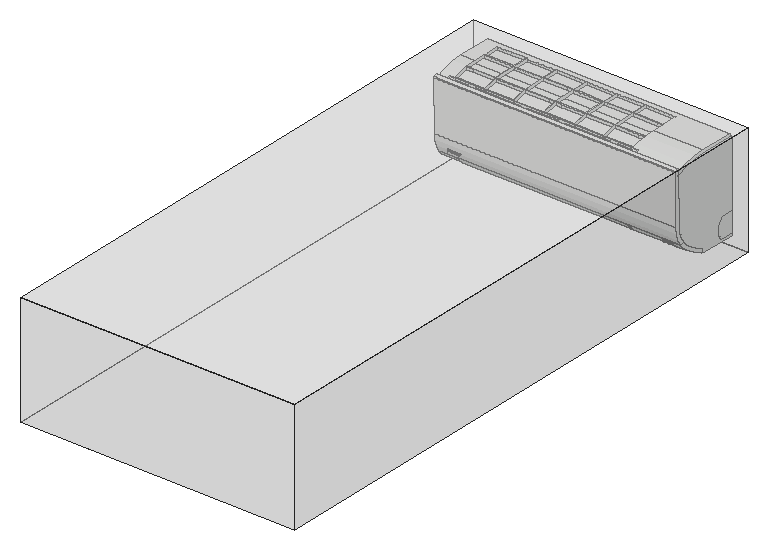
Revit family "outputfile", category 機械設備, Revit 2024
Family settings
  丸型コネクタ寸法 = 半径を使用
  パーツ タイプ = 標準
  OmniClass 番号 = 23.75.10.24.21.27.27
  OmniClass タイトル = Split System Air Conditioning Units
  作業面ベース = いいえ
  常に垂直 = はい
  ロード時にボイドで切り取り = いいえ
  注釈の向きを維持 = いいえ
  共有 = いいえ
  部屋計算ポイント = いいえ
Parameters (values of type "FTKF25DVA")
  Description = ""
  書き出し IFC クラス(タイプ) = "IfcUnitaryEquipmentType"
  定義済み IFC タイプ(タイプ) = "AIRCONDITIONINGUNIT"
  Cost = 0
  Type Comments = ""
  Keynote = ""
  Type Image = (empty or 0)
  Assembly Code = ""
  switch_frequency = yes
  lw_connection [instance] = if(Width = 730.0 mm, 85.0 mm, if(Width = 770.0 mm, 48.0 mm, 60.0 mm))  # 85.0 mm
  製造元 = "Daikin"
  モデル = "FTKF25DVA"
  r_Liquid Pipe Size = Liquid Pipe Size / 2  # 3.2 mm
  r_Gas Pipe Size = Gas Pipe Size / 2  # 4.75 mm
  r_Drain Pipe Size = Drain Pipe Size / 2  # 9.55 mm
  lw_powersupply [instance] = if(Width = 730.0 mm, if(or(Rear Right Connection_refrigerant, Bottom Right Connection_refrigerant), 65.0 mm, if(or(Rear Left Connection_refrigerant, Bottom Left Connection_refrigerant), 695.0 mm, 400.0 mm)), if(Width = 770.0 mm, if(or(Rear Right Connection_refrigerant, Bottom Right Connection_refrigerant), 68.0 mm, if(or(Rear Left Connection_refrigerant, Bottom Left Connection_refrigerant), 705.0 mm, 400.0 mm)), if(or(Rear Right Connection_refrigerant, Bottom Right Connection_refrigerant), 83.0 mm, if(or(Rear Left Connection_refrigerant, Bottom Left Connection_refrigerant), 928.0 mm, 400.0 mm))))  # 400.0 mm
  lw_liquidpipe [instance] = if(Width = 730.0 mm, if(or(Rear Right Connection_refrigerant, Bottom Right Connection_refrigerant), 0.0 mm, if(or(Rear Left Connection_refrigerant, Bottom Left Connection_refrigerant), 582.0 mm, 473.0 mm)), if(Width = 770.0 mm, if(or(Rear Right Connection_refrigerant, Bottom Right Connection_refrigerant), 0.0 mm, if(or(Rear Left Connection_refrigerant, Bottom Left Connection_refrigerant), 682.0 mm, 385.0 mm)), if(or(Rear Right Connection_refrigerant, Bottom Right Connection_refrigerant), 10.0 mm, if(or(Rear Left Connection_refrigerant, Bottom Left Connection_refrigerant), 858.0 mm, 435.0 mm))))  # 473.0 mm
  lw_gaspipe [instance] = if(Width = 730.0 mm, if(or(Rear Right Connection_refrigerant, Bottom Right Connection_refrigerant), 0.0 mm, if(or(Rear Left Connection_refrigerant, Bottom Left Connection_refrigerant), 576.0 mm, 428.0 mm)), if(Width = 770.0 mm, if(or(Rear Right Connection_refrigerant, Bottom Right Connection_refrigerant), 0.0 mm, if(or(Rear Left Connection_refrigerant, Bottom Left Connection_refrigerant), 675.0 mm, 335.0 mm)), if(or(Rear Right Connection_refrigerant, Bottom Right Connection_refrigerant), 0.0 mm, if(or(Rear Left Connection_refrigerant, Bottom Left Connection_refrigerant), 851.0 mm, 400.0 mm))))  # 428.0 mm
  lw_drainpipe [instance] = if(Width = 730.0 mm, if(or(Rear Right Connection_refrigerant, Bottom Right Connection_refrigerant), 0.0 mm, if(or(Rear Left Connection_refrigerant, Bottom Left Connection_refrigerant), 590.0 mm, 488.0 mm)), if(Width = 770.0 mm, if(or(Rear Right Connection_refrigerant, Bottom Right Connection_refrigerant), 0.0 mm, if(or(Rear Left Connection_refrigerant, Bottom Left Connection_refrigerant), 695.0 mm, 440.0 mm)), if(or(Rear Right Connection_refrigerant, Bottom Right Connection_refrigerant), 0.0 mm, if(or(Rear Left Connection_refrigerant, Bottom Left Connection_refrigerant), 888.0 mm, 475.0 mm))))  # 488.0 mm
  l_powersupply_length [instance] = if(Width = 730.0 mm, if(Right Connection_refrigerant, 400.0 mm, if(Left Connection_refrigerant, 330.0 mm, if(or(Bottom Left Connection_refrigerant, Bottom Right Connection_refrigerant), 57.0 mm, if(or(Rear Left Connection_refrigerant, Rear Right Connection_refrigerant), 15.0 mm, 50.0 mm)))), if(Width = 770.0 mm, if(Right Connection_refrigerant, 400.0 mm, if(Left Connection_refrigerant, 370.0 mm, if(or(Bottom Left Connection_refrigerant, Bottom Right Connection_refrigerant), 57.0 mm, if(or(Rear Left Connection_refrigerant, Rear Right Connection_refrigerant), 15.0 mm, 50.0 mm)))), if(Right Connection_refrigerant, 400.0 mm, if(Left Connection_refrigerant, 590.0 mm, if(or(Bottom Left Connection_refrigerant, Bottom Right Connection_refrigerant), 57.0 mm, if(or(Rear Left Connection_refrigerant, Rear Right Connection_refrigerant), 15.0 mm, 50.0 mm))))))  # 400.0 mm
  l_liquidpipe_length [instance] = if(Width = 730.0 mm, if(Right Connection_refrigerant, 558.0 mm, if(Left Connection_refrigerant, 172.0 mm, if(or(Bottom Left Connection_refrigerant, Bottom Right Connection_refrigerant), 48.0 mm, if(or(Rear Left Connection_refrigerant, Rear Right Connection_refrigerant), 30.0 mm, 40.0 mm)))), if(Width = 770.0 mm, if(Right Connection_refrigerant, 433.0 mm, if(Left Connection_refrigerant, 337.0 mm, if(or(Bottom Left Connection_refrigerant, Bottom Right Connection_refrigerant), 48.0 mm, if(or(Rear Left Connection_refrigerant, Rear Right Connection_refrigerant), 30.0 mm, 40.0 mm)))), if(Right Connection_refrigerant, 495.0 mm, if(Left Connection_refrigerant, 495.0 mm, if(or(Bottom Left Connection_refrigerant, Bottom Right Connection_refrigerant), 48.0 mm, if(or(Rear Left Connection_refrigerant, Rear Right Connection_refrigerant), 30.0 mm, 40.0 mm))))))  # 558.0 mm
  l_gaspipe_length [instance] = if(Width = 730.0 mm, if(Right Connection_refrigerant, 513.0 mm, if(Left Connection_refrigerant, 217.0 mm, if(or(Bottom Left Connection_refrigerant, Bottom Right Connection_refrigerant), 57.0 mm, if(or(Rear Left Connection_refrigerant, Rear Right Connection_refrigerant), 40.0 mm, 50.0 mm)))), if(Width = 770.0 mm, if(Right Connection_refrigerant, 383.0 mm, if(Left Connection_refrigerant, 387.0 mm, if(or(Bottom Left Connection_refrigerant, Bottom Right Connection_refrigerant), 57.0 mm, if(or(Rear Left Connection_refrigerant, Rear Right Connection_refrigerant), 40.0 mm, 50.0 mm)))), if(Right Connection_refrigerant, 460.0 mm, if(Left Connection_refrigerant, 530.0 mm, if(or(Bottom Left Connection_refrigerant, Bottom Right Connection_refrigerant), 57.0 mm, if(or(Rear Left Connection_refrigerant, Rear Right Connection_refrigerant), 40.0 mm, 50.0 mm))))))  # 513.0 mm
  l_drainpipe_length [instance] = if(Width = 730.0 mm, if(Right Connection_refrigerant, 573.0 mm, if(Left Connection_refrigerant, 157.0 mm, if(or(Bottom Left Connection_refrigerant, Bottom Right Connection_refrigerant), 35.0 mm, if(or(Rear Left Connection_refrigerant, Rear Right Connection_refrigerant), 15.0 mm, 20.0 mm)))), if(Width = 770.0 mm, if(Right Connection_refrigerant, 488.0 mm, if(Left Connection_refrigerant, 282.0 mm, if(or(Bottom Left Connection_refrigerant, Bottom Right Connection_refrigerant), 35.0 mm, if(or(Rear Left Connection_refrigerant, Rear Right Connection_refrigerant), 15.0 mm, 20.0 mm)))), if(Right Connection_refrigerant, 535.0 mm, if(Left Connection_refrigerant, 455.0 mm, if(or(Bottom Left Connection_refrigerant, Bottom Right Connection_refrigerant), 35.0 mm, if(or(Rear Left Connection_refrigerant, Rear Right Connection_refrigerant), 15.0 mm, 20.0 mm))))))  # 573.0 mm
  h*** = 0.0 mm  # constant formula
  connector_voltage = Voltage_60Hz  # 220 V
  connector_powerinput = [Power Input (Cooling)]  # 0.000 kW
  connector_phase = Phase_60Hz  # 1
  angle_vertical [instance] = if(or(Bottom Left Connection_refrigerant, Bottom Right Connection_refrigerant), 0.00°, 90.00°)  # 90.00°
  angle_horizontal [instance] = if(Right Connection_refrigerant, 90.00°, if(Left Connection_refrigerant, -90.00°, if(or(Rear Left Connection_refrigerant, Rear Right Connection_refrigerant), 180.00°, 0.00°)))  # 90.00°
  Width = 730.0 mm
  Voltage_comment_60Hz = "220"
  Voltage_60Hz = 220 V
  Version = "ver.1.0"
  Unit Type = "Wall Mounted"
  Unit Mass Weight = 8.50 kg
  Unit Designation [instance] = ""
  Uniclass2015Version = "Products v1.30"
  Uniclass2015Title = "Split coil room air conditioning units"
  Uniclass2015Code = "Pr_70_65_03_86"
  URL = ""
  Total Cooling Capacity [instance] = 0.000 kW
  Sound Pressure Level_M speed (dBA) = 33
  Sound Pressure Level_L speed (dBA) = 26
  Sound Pressure Level_H speed (dBA) = 39
  Sound Power Level_H speed (dB) = 0
  Series = "Single Split_Fan Coil Unit"
  Sensible Cooling Capacity [instance] = 0.000 kW
  Refrigerant Type = "R32"
  Power Input (Cooling) = 0.000 kW
  Phase_60Hz = 1
  Option Accessory 3 [instance] = ""
  Option Accessory 2 [instance] = ""
  Option Accessory 1 [instance] = ""
  Nominal Cooling Capacity = 2.640 kW
  Minimum Circuit Amps_60Hz = 0.0 A
  Minimum Airflow = 348.00 m³/h
  Median Airflow = 442.00 m³/h
  Maximum Fuse Amps_60Hz = 0.0 A
  Maximum Airflow = 578.00 m³/h
  Material_Casing = DAIKIN_White_Casing_indoorunit
  Load Classification = HVAC
  Liquid Pipe Size = 6.4 mm
  Link_Nested Family [instance] = ""
  IfcVersion = ""
  IfcExportType = "AIRCONDITIONINGUNIT"
  IfcExportAs = "IfcUnitaryEquipmentType"
  Height = 280.0 mm
  Heat Exchanger Type = "Cross Fin Coil"
  Gas Pipe Size = 9.5 mm
  Frequency_60Hz = 60 Hz
  Fan Type = "Cross Flow Fan"
  Fan Drive = "Direct Drive"
  FCU Tag No. [instance] = ""
  Drain Pipe Size = 19.1 mm
  Design Supply Airflow [instance] = 0.00 m³/h
  Depth = 213.0 mm
  既定の高さ = 0.0 mm
  Cooling Entering Wet Bulb Temperature [instance] = 0.00 °C
  Cooling Entering Dry Bulb Temperature [instance] = 0.00 °C
  Cooling Ambient Wet Bulb Temperature [instance] = 0.00 °C
  Cooling Ambient Dry Bulb Temperature [instance] = 0.00 °C
  Clearance visibility [instance] = yes
  Clearance Top = 30.0 mm
  Clearance Right = 50.0 mm
  Clearance Rear = 0.0 mm
  Clearance Left = 50.0 mm
  Clearance Front = 1500.0 mm
  Clearance Bottom = 30.0 mm
  Bottom Right Connection_refrigerant [instance] = no
  Bottom Left Connection_refrigerant [instance] = no
  Rear Right Connection_refrigerant [instance] = no
  Rear Left Connection_refrigerant [instance] = no
  Right Connection_refrigerant [instance] = yes
  Left Connection_refrigerant [instance] = no
Reference planes
  plane 1 "Back": y = 0
  plane 2: z = 0
  plane 3 "Center (Left/Right)": x = 0
  plane 4 "Center (Front/Back)": y = -106.5
  plane 5 "Front": y = -213
  plane 6 "Left": x = -365
  plane 7 "Right": x = 365
  plane 8 "Top": z = 0
  plane 9 "Bottom": z = -280
  plane 10 "Front panel_Left": x = -363
  plane 11 "Front panel_Right": x = 363
  plane 12: x = 229
  plane 13: x = 224
  plane 14: x = -415
  plane 15: x = 415
  plane 16: y = 0
  plane 17: y = -213
  plane 18: z = 30
  plane 19: z = -310
  plane 20 "lw_Piping and Wiring intake": x = 280
  plane 21 "lw_gaspipe": x = -148
  plane 22 "lw_liquidpipe": x = -193
  plane 23 "lw_drainpipe": x = -208
  plane 24 "lh_drainpipe": z = -245
  plane 25 "lh_liquidpipe": z = -232
  plane 26 "lh_gaspipe": z = -223
  plane 27 "ld_drainpipe": y = -15
  plane 28 "ld_liquidpipe": y = -30
  plane 29 "ld_gaspipe": y = -40
  plane 30 "lw_powersupply": x = -35
  plane 31: y = -1713
Dimensions and locks
  equal spacing: plane 6 "Left", plane 3 "Center (Left/Right)", plane 7 "Right"
  "Width": plane 6 "Left" to plane 7 "Right"
  equal spacing: plane 5 "Front", plane 4 "Center (Front/Back)", plane 1 "Back"
  "Depth": plane 5 "Front" to plane 1 "Back"
  "Height": plane 8 "Top" to plane 9 "Bottom"
  locked: plane 10 "Front panel_Left" to plane 6 "Left" at 2
  locked: plane 7 "Right" to plane 11 "Front panel_Right" at 2
  locked: plane 7 "Right" to plane 12 at 136
  locked: plane 12 to plane 13 at 5
  "Clearance Rear": plane 16 to plane 1 "Back"
  "Clearance Top": plane 18 to plane 8 "Top"
  "Clearance Bottom": plane 9 "Bottom" to plane 19
  "lw_connection": plane 20 "lw_Piping and Wiring intake" to plane 7 "Right"
  "lw_gaspipe": plane 21 "lw_gaspipe" to plane 20 "lw_Piping and Wiring intake"
  "lw_liquidpipe": plane 22 "lw_liquidpipe" to plane 20 "lw_Piping and Wiring intake"
  "lw_drainpipe": plane 23 "lw_drainpipe" to plane 20 "lw_Piping and Wiring intake"
  locked: plane 24 "lh_drainpipe" to plane 9 "Bottom" at 35
  locked: plane 25 "lh_liquidpipe" to plane 9 "Bottom" at 48
  locked: plane 26 "lh_gaspipe" to plane 9 "Bottom" at 57
  locked: plane 27 "ld_drainpipe" to plane 1 "Back" at 15
  locked: plane 1 "Back" to plane 28 "ld_liquidpipe" at 30
  locked: plane 1 "Back" to plane 29 "ld_gaspipe" at 40
  "lw_powersupply": plane 30 "lw_powersupply" to plane 7 "Right"
  "Clearance Right": plane 7 "Right" to plane 15
  "Clearance Left": plane 14 to plane 6 "Left"
  "Clearance Front": plane 5 "Front" to plane 31
  aligned and locked: level to plane 2
  aligned and locked: plane 16 to nested 1
  aligned and locked: nested 1 to plane 14
  aligned and locked: nested 1 to plane 15
  aligned and locked: plane 19 to nested 1
  aligned and locked: plane 18 to nested 1
  aligned and locked: plane 21 "lw_gaspipe" to nested 2
  aligned and locked: nested 2 to plane 29 "ld_gaspipe"
  aligned and locked: plane 22 "lw_liquidpipe" to nested 3
  aligned and locked: nested 3 to plane 28 "ld_liquidpipe"
  aligned and locked: plane 23 "lw_drainpipe" to nested 4
  aligned and locked: nested 4 to plane 27 "ld_drainpipe"
  aligned and locked: nested 5 to plane 27 "ld_drainpipe"
  aligned and locked: plane 30 "lw_powersupply" to nested 5
  aligned and locked: level to plane 8 "Top"
  aligned and locked: nested 1 to plane 31
Nested families
  nested 1: "daikin_clearancespace" at (0, -856.5, -139.881), show <- "Clearance visibility", visible <- "Clearance visibility", Link_Nested Family <- "Link_Nested Family", type "daikin_clearancespace"
    with width 830.0 mm, show yes, height 340.0 mm, depth 1713.0 mm, Link_Nested Family ""
  nested 2: "daikin_connector_rotate3" at (-148, -40, -223), angle_vertical <- "angle_vertical", angle_horizontal <- "angle_horizontal", length <- "l_gaspipe_length", radius <- "r_Gas Pipe Size", type "daikin_connector_rotate3"
    with show no, radius 4.75 mm, length 513.0 mm, angle_vertical 90.00°, angle_horizontal 90.00°
  nested 3: "daikin_connector_rotate3" at (-193, -30, -232), angle_vertical <- "angle_vertical", angle_horizontal <- "angle_horizontal", radius <- "r_Liquid Pipe Size", length <- "l_liquidpipe_length", type "daikin_connector_rotate3"
    with show no, radius 3.2 mm, length 558.0 mm, angle_vertical 90.00°, angle_horizontal 90.00°
  nested 4: "daikin_connector_rotate3" at (-208, -15, -245), angle_vertical <- "angle_vertical", angle_horizontal <- "angle_horizontal", length <- "l_drainpipe_length", radius <- "r_Drain Pipe Size", type "daikin_connector_rotate3"
    with show no, radius 9.55 mm, length 573.0 mm, angle_vertical 90.00°, angle_horizontal 90.00°
  nested 5: "daikin_connector_rotate3" at (-35, -15, -223), angle_vertical <- "angle_vertical", angle_horizontal <- "angle_horizontal", length <- "l_powersupply_length", type "daikin_connector_rotate3"
    with show no, radius 10.0 mm, length 400.0 mm, angle_vertical 90.00°, angle_horizontal 90.00°
  nested 6: "DAIKIN_indoorunit_FTKF-DVA" at (-31, 0, 0), type "FTKF-DVA"
Connectors
  piping at (365, -40, -223), diameter 9.5, driven by "r_Gas Pipe Size"
    settings: on nested 2, index 1, connector inside diameter 609.6 mm, connector length 0.0 mm, flow factor 0, pipe flow 0.00 m³/h, pressure drop 0.0 Pa, fitting loss kfactor 0, connector angle 0.00°, fixture units 0, engagement length 0.0 mm, angle of deflection 0.00°, flow configuration 1, flow direction 2, fitting loss method 0, system type 29, joint type 0, gender type 0, connector reference index -1, connector utility 0, adjustable connector no, is connector primary yes, connector description "Refrigerant Gas Piping"
  piping at (365, -30, -232), diameter 6.4, driven by "r_Liquid Pipe Size"
    settings: on nested 3, index 2, connector inside diameter 609.6 mm, connector length 0.0 mm, flow factor 0, pipe flow 0.00 m³/h, pressure drop 0.0 Pa, fitting loss kfactor 0, connector angle 0.00°, fixture units 0, engagement length 0.0 mm, angle of deflection 0.00°, flow configuration 1, flow direction 1, fitting loss method 0, system type 29, joint type 0, gender type 0, connector reference index -1, connector utility 0, adjustable connector no, is connector primary no, connector description "Refrigerant Liquid Piping"
  piping at (365, -15, -245), diameter 19.1, driven by "r_Drain Pipe Size"
    settings: on nested 4, index 3, connector inside diameter 609.6 mm, connector length 0.0 mm, flow factor 0, pipe flow 0.00 m³/h, pressure drop 0.0 Pa, fitting loss kfactor 0, connector angle 0.00°, fixture units 0, engagement length 0.0 mm, angle of deflection 0.00°, flow configuration 1, flow direction 2, fitting loss method 4, system type 16, joint type 0, gender type 0, connector reference index -1, connector utility 0, adjustable connector no, is connector primary no, connector description "Condensate Drain Piping"
  electrical at (365, -15, -223), driven by "Load Classification", driven by "connector_voltage", driven by "connector_phase", driven by "connector_powerinput"
    settings: on nested 5, index 4, voltage 220 V, apparent load 0 VA, apparent load phase1 0 VA, apparent load phase2 0 VA, apparent load phase3 0 VA, power factor 1, load classification "HVAC", number of poles 1, system type 30, power factor state 1, is connector primary yes, connector utility no, sub classification motor no, connector description "Power Supply"
Definition of nested family "daikin_clearancespace"
  Parameters (values of type "daikin_clearancespace")
    Description = "daikin_clearancespace"
    width [instance] = 1823.963 mm
    show [instance] = yes
    material = none
    height [instance] = 1359.762 mm
    depth [instance] = 880.0 mm
    Default Elevation = 0.0 mm
    Link_Nested Family [instance] = ""
  Reference planes
    plane 1 "Center (Front/Back)": y = 0
    plane 2 "Center (Elevation)": z = -0.119
    plane 3 "Center (Left/Right)": x = 0
    plane 4: y = 440
    plane 5: y = -440
    plane 6 "Right": x = 911.982
    plane 7 "Left": x = -911.982
    plane 8 "Top": z = 679.762
    plane 9 "Bottom": z = -680
  Forms (mm)
    Extrusion 1, solid, material <- "material", visible <- "show"
      sketch origin (0, 0, 0) x (1, 0, 0) y (0, 1, 0)
        loop
          line (-911.982, 440) -> (-911.982, -440) -> (911.982, -440) -> (911.982, 440) -> (-911.982, 440)
      from -680 to 679.762
  Lines and regions (mm)
    symbolic lines, visible <- "show"
      curve 1: line (911.982, 440, 0) -> (-911.982, 440, 0)
      curve 2: line (-911.982, 440, 0) -> (-911.982, -440, 0)
      curve 3: line (-911.982, -440, 0) -> (911.982, -440, 0)
      curve 4: line (911.982, -440, 0) -> (911.982, 440, 0)
      curve 5: line (911.982, 0, 679.762) -> (-911.982, 0, 679.762)
      curve 6: line (911.982, 0, -680) -> (911.982, 0, 679.762)
      curve 7: line (-911.982, 0, -680) -> (911.982, 0, -680)
      curve 8: line (-911.982, 0, 679.762) -> (-911.982, 0, -680)
      curve 9: line (0, 440, 679.762) -> (0, -440, 679.762)
      curve 10: line (0, -440, 679.762) -> (0, -440, -680)
      curve 11: line (0, 440, -680) -> (0, 440, 679.762)
      curve 12: line (0, -440, -680) -> (0, 440, -680)
  Dimensions and locks
    "width": plane 7 "Left" to plane 6 "Right"
    "depth": plane 4 to plane 5
    "height": plane 8 "Top" to plane 9 "Bottom"
    equal spacing: plane 7 "Left", plane 3 "Center (Left/Right)", plane 6 "Right"
    equal spacing: plane 4, plane 1 "Center (Front/Back)", plane 5
    equal spacing: plane 8 "Top", plane 2 "Center (Elevation)", plane 9 "Bottom"
    aligned and locked: level to plane 2 "Center (Elevation)"
    aligned and locked: Extrusion 1 sketch curve to plane 4
    aligned and locked: plane 7 "Left" to Extrusion 1 sketch curve
    aligned and locked: Extrusion 1 sketch curve to plane 5
    aligned and locked: Extrusion 1 sketch curve to plane 6 "Right"
    aligned and locked: plane 8 "Top" to Extrusion 1
    aligned and locked: curve 1 to Extrusion 1
    aligned and locked: curve 2 to Extrusion 1
    aligned and locked: curve 3 to Extrusion 1
    aligned and locked: curve 4 to Extrusion 1
    aligned and locked: curve 5 to Extrusion 1
    aligned and locked: curve 6 to Extrusion 1
    aligned and locked: curve 7 to Extrusion 1
    aligned and locked: curve 8 to Extrusion 1
    aligned and locked: curve 9 to Extrusion 1
    aligned and locked: curve 10 to Extrusion 1
    aligned and locked: curve 11 to Extrusion 1
    aligned and locked: curve 12 to Extrusion 1
    aligned and locked: Extrusion 1 to plane 9 "Bottom"
Definition of nested family "DAIKIN_indoorunit_FTKF-DVA"
  Parameters (values of type "FTKF-DVA")
    switch_unit1_60-71 = Width = 990.0 mm  # no
    switch_unit1_35-50 = Width = 770.0 mm  # no
    switch_unit1_20-25 = Width = 730.0 mm  # yes
    Width = 730.0 mm
    WALL HOLE-R = if(Width = 730.0 mm, 79.0 mm, 48.0 mm)  # 79.0 mm
    Material_Casing = none
    Height = if(Width = 730.0 mm, 280.0 mm, if(Width = 770.0 mm, 288.0 mm, 297.0 mm))  # 280.0 mm
    Default Elevation = 0.0 mm
  Reference planes
    plane 1 "Center (Front/Back)": y = 0
    plane 2 "reference_level": z = 0
    plane 3 "Center (Left/Right)": x = 31
    plane 4: x = -334
    plane 5: x = 396
    plane 6: z = -280
  Forms (mm)
    Extrusion 1, solid, material <- "Material_Casing", visible <- "switch_unit1_20-25"
      sketch origin (31, 0, 0) x (0, 1, 0) y (0, 0, 1)
        loop
          line (-109.519, -8) -> (-2.596, -8) -> (-8.198, 0) -> (-109.608, 0)
          arc (-109.608, 0) -> (-157.226, -5.2) -> (-202.599, -20.555) r 220.623
          line (-202.599, -20.555) -> (-202.447, -29.25)
          arc (-202.447, -29.25) -> (-157.182, -13.38) -> (-109.519, -8) r 213.82
      from -365 to 365
    Extrusion 2, solid, material <- "Material_Casing", visible <- "switch_unit1_20-25"
      sketch origin (416, 1304.033, 1200.206) x (0, 1, 0) y (0, 0, 1)
        loop
          arc (-1496.513, -1423.164) -> (-1487.225, -1434.204) -> (-1476.373, -1443.711) r 95
          arc (-1476.373, -1443.711) -> (-1448.371, -1461.92) -> (-1418.191, -1476.232) r 250
          line (-1418.191, -1476.232) -> (-1418.191, -1465.318)
          arc (-1418.191, -1465.318) -> (-1445.052, -1452.134) -> (-1470.063, -1435.711) r 240
          arc (-1470.063, -1435.711) -> (-1477.766, -1429.186) -> (-1484.641, -1421.794) r 85
          line (-1484.641, -1421.794) -> (-1496.513, -1423.164)
      from -20 to -177
    Extrusion 3, solid, material <- "Material_Casing", visible <- "switch_unit1_20-25"
      sketch origin (31, 0, 0) x (0, 1, 0) y (0, 0, 1)
        loop
          line (-202.769, -10.816) -> (-211.618, -13.692)
          arc (-211.618, -13.692) -> (-212.628, -14.432) -> (-213, -15.629) r 2
          line (-213, -15.629) -> (-210.348, -167.5)
          arc (-210.348, -167.5) -> (-206.029, -195.818) -> (-193.465, -221.562) r 95
          line (-193.465, -221.562) -> (-181.653, -220.199)
          arc (-181.653, -220.199) -> (-195.31, -195.356) -> (-200.037, -167.403) r 85
          line (-200.037, -167.403) -> (-202.769, -10.816)
      from -365 to 365
    Extrusion 4, solid, material <- "Material_Casing", visible <- "switch_unit1_20-25"
      sketch origin (31, 0, 0) x (0, 1, 0) y (0, 0, 1)
        loop
          line (0, -280) -> (0, -11.707) -> (-2.596, -8) -> (-109.519, -8)
          arc (-109.519, -8) -> (-156.378, -13.198) -> (-200.959, -28.539) r 213.82
          line (-200.959, -28.539) -> (-198.537, -167.295)
          arc (-198.537, -167.295) -> (-189.766, -204.754) -> (-165.131, -234.305) r 83.5
          arc (-165.131, -234.305) -> (-139.841, -250.873) -> (-112.659, -264.109) r 238.5
          line (-112.659, -264.109) -> (-112.659, -276.338)
          arc (-112.659, -276.338) -> (-100.834, -279.079) -> (-88.731, -280) r 80
          line (-88.731, -280) -> (0, -280)
      from -365 to 365
    Extrusion 5, solid, material <- "Material_Casing", visible <- "switch_unit1_20-25"
      sketch origin (-354, 1304.033, 1200.206) x (0, 1, 0) y (0, 0, 1)
        loop
          arc (-1496.513, -1423.164) -> (-1487.225, -1434.204) -> (-1476.373, -1443.711) r 95
          arc (-1476.373, -1443.711) -> (-1448.371, -1461.92) -> (-1418.191, -1476.232) r 250
          line (-1418.191, -1476.232) -> (-1418.191, -1465.318)
          arc (-1418.191, -1465.318) -> (-1445.052, -1452.134) -> (-1470.063, -1435.711) r 240
          arc (-1470.063, -1435.711) -> (-1477.766, -1429.186) -> (-1484.641, -1421.794) r 85
          line (-1484.641, -1421.794) -> (-1496.513, -1423.164)
      from 72 to 20
    Extrusion 6, solid, material <- "Material_Casing", visible <- "switch_unit1_20-25"
      sketch origin (31, 7.782, 0.206) x (0, 1, 0) y (0, 0, 1)
        loop
          line (-188.39, -221.794) -> (-200.262, -223.164)
          arc (-200.262, -223.164) -> (-190.975, -234.204) -> (-180.122, -243.711) r 95
          arc (-180.122, -243.711) -> (-152.12, -261.92) -> (-121.941, -276.232) r 250
          line (-121.941, -276.232) -> (-121.941, -265.318)
          arc (-121.941, -265.318) -> (-148.801, -252.134) -> (-173.813, -235.711) r 240
          arc (-173.813, -235.711) -> (-181.515, -229.186) -> (-188.39, -221.794) r 85
      from 204 to -309
    Extrusion 7, void
      sketch origin (31, 0, -235) x (1, 0, 0) y (0, 1, 0)
        loop
          line (-324.633, -72.419) -> (-304, -73.5) -> (-234.9, -73.5) -> (-234.9, -24.5) -> (-324.633, -24.5) -> (-324.633, -72.419)
        loop
          line (-304, -74.9) -> (-324.633, -75.939) -> (-324.633, -139.819) -> (-304, -140.9) -> (-234.9, -140.9) -> (-234.9, -74.9) -> (-304, -74.9)
        loop
          line (-304, -142.3) -> (-324.633, -143.326) -> (-324.633, -182.209) -> (-300, -183.5) -> (-234.9, -183.5) -> (-234.9, -142.3) -> (-304, -142.3)
        loop
          line (-233.5, -142.3) -> (-233.5, -183.5) -> (-146.9, -183.5) -> (-146.9, -142.3) -> (-233.5, -142.3)
        loop
          line (-233.5, -140.9) -> (-146.9, -140.9) -> (-146.9, -74.9) -> (-233.5, -74.9) -> (-233.5, -140.9)
        loop
          line (-233.5, -73.5) -> (-146.9, -73.5) -> (-146.9, -24.5) -> (-233.5, -24.5) -> (-233.5, -73.5)
        loop
          line (-145.5, -73.5) -> (-74.9, -73.5) -> (-54.9, -72.452) -> (-54.9, -24.5) -> (-145.5, -24.5) -> (-145.5, -73.5)
        loop
          line (-145.5, -74.9) -> (-145.5, -140.9) -> (-74.9, -140.9) -> (-54.9, -139.852) -> (-54.9, -75.948) -> (-74.9, -74.9) -> (-145.5, -74.9)
        loop
          line (-145.5, -142.3) -> (-145.5, -183.5) -> (-74.9, -183.5) -> (-54.9, -182.452) -> (-54.9, -143.348) -> (-74.9, -142.3) -> (-145.5, -142.3)
        loop
          line (-53.5, -24.5) -> (-53.5, -72.452) -> (-33.5, -73.5) -> (36.5, -73.5) -> (36.5, -24.5) -> (-53.5, -24.5)
        loop
          line (-53.5, -75.948) -> (-53.5, -139.852) -> (-33.5, -140.9) -> (36.5, -140.9) -> (36.5, -74.9) -> (-33.5, -74.9) -> (-53.5, -75.948)
        loop
          line (-33.5, -142.3) -> (-53.5, -143.348) -> (-53.5, -182.452) -> (-33.5, -183.5) -> (36.5, -183.5) -> (36.5, -142.3) -> (-33.5, -142.3)
        loop
          line (37.9, -24.5) -> (37.9, -73.5) -> (124.9, -73.5) -> (124.9, -24.5) -> (37.9, -24.5)
        loop
          line (37.9, -74.9) -> (37.9, -140.9) -> (124.9, -140.9) -> (124.9, -74.9) -> (37.9, -74.9)
        loop
          line (37.9, -142.3) -> (37.9, -183.5) -> (124.9, -183.5) -> (124.9, -142.3) -> (37.9, -142.3)
        loop
          line (126.3, -24.5) -> (126.3, -73.5) -> (195.6, -73.5) -> (216, -72.431) -> (216, -24.5) -> (126.3, -24.5)
        loop
          line (126.3, -74.9) -> (126.3, -140.9) -> (198.5, -140.9) -> (216, -139.983) -> (216, -75.817) -> (198.5, -74.9) -> (126.3, -74.9)
        loop
          line (126.3, -142.3) -> (126.3, -183.5) -> (198.337, -183.5) -> (216, -182.623) -> (216, -143.217) -> (198.5, -142.3) -> (126.3, -142.3)
      from 201.638 to 250
    Extrusion 8, solid, material <- "Material_Casing"
      sketch origin (31, 0, 0) x (1, 0, 0) y (0, 0, 1)
        loop
          circle (286, -235) r 40
        loop
          circle (-317, -235) r 40
      from 0 to 5
    Extrusion 9, solid, material <- "Material_Casing", visible <- "switch_unit1_20-25"
      sketch origin (396, 1296.25, 1200) x (0, -1, 0) y (0, 0, 1)
        loop
          line (1326.25, -1413) -> (1296.25, -1413) -> (1296.25, -1473) -> (1326.25, -1473)
          arc (1326.25, -1473) -> (1340.393, -1467.142) -> (1346.25, -1453) r 20
          line (1346.25, -1453) -> (1346.25, -1433)
          arc (1346.25, -1433) -> (1340.393, -1418.858) -> (1326.25, -1413) r 20
      from 0 to 5
    Extrusion 10, solid, material <- "Material_Casing", visible <- "switch_unit1_20-25"
      sketch origin (-334, 1296.25, 1200) x (0, 1, 0) y (0, 0, 1)
        loop
          line (-1296.25, -1413) -> (-1326.25, -1413)
          arc (-1326.25, -1413) -> (-1340.393, -1418.858) -> (-1346.25, -1433) r 20
          line (-1346.25, -1433) -> (-1346.25, -1453)
          arc (-1346.25, -1453) -> (-1340.393, -1467.142) -> (-1326.25, -1473) r 20
          line (-1326.25, -1473) -> (-1296.25, -1473) -> (-1296.25, -1413)
      from 0 to 5
    Extrusion 11, solid, material <- "Material_Casing", visible <- "switch_unit1_20-25"
      sketch origin (11, 0, -285) x (-1, 0, 0) y (0, -1, 0)
        loop
          line (-279, 0) -> (-279, 30)
          arc (-279, 30) -> (-284.419, 43.081) -> (-297.5, 48.5) r 18.5
          line (-297.5, 48.5) -> (-320.5, 48.5)
          arc (-320.5, 48.5) -> (-333.581, 43.081) -> (-339, 30) r 18.5
          line (-339, 30) -> (-339, 0) -> (-279, 0)
        loop
          line (326, 0) -> (326, 30)
          arc (326, 30) -> (320.581, 43.081) -> (307.5, 48.5) r 18.5
          line (307.5, 48.5) -> (284.5, 48.5)
          arc (284.5, 48.5) -> (271.419, 43.081) -> (266, 30) r 18.5
          line (266, 30) -> (266, 0) -> (326, 0)
      from 10 to 5
    Extrusion 12, solid, material <- "Material_Casing", visible <- "switch_unit1_35-50"
      sketch origin (31, 0, 0) x (0, 1, 0) y (0, 0, 1)
        loop
          line (-5, 0) -> (-45.84, 0)
          arc (-45.84, 0) -> (-135.906, -3.965) -> (-225.275, -15.831) r 1024.823
          arc (-225.275, -15.831) -> (-224.639, -21.302) -> (-223.878, -26.758) r 241.564
          arc (-223.878, -26.758) -> (-135.207, -14.947) -> (-45.84, -11) r 1013.66
          line (-45.84, -11) -> (0, -11) -> (0, -9.02) -> (-5, 0)
      from -385 to 385
    Extrusion 13, solid, material <- "Material_Casing", visible <- "switch_unit1_35-50"
      sketch origin (31, 0, 0) x (0, 1, 0) y (0, 0, 1)
        loop
          arc (-226.673, -12.416) -> (-229.519, -12.929) -> (-232.363, -13.449) r 1025.776
          arc (-232.363, -13.449) -> (-233.586, -14.198) -> (-233.994, -15.573) r 2
          line (-233.994, -15.573) -> (-218.08, -217.408)
          arc (-218.08, -217.408) -> (-211.296, -237.286) -> (-195.807, -251.472) r 42.415
          line (-195.807, -251.472) -> (-186.556, -243.946)
          arc (-186.556, -243.946) -> (-193.981, -235.221) -> (-197.648, -224.366) r 30.386
          line (-197.648, -224.366) -> (-226.673, -12.416)
      from -385 to 385
    Extrusion 14, void
      sketch origin (33, 0, 0) x (1, 0, 0) y (0, 1, 0)
        loop
          line (-357.499, -23.5) -> (-357.499, -96.7) -> (-255.999, -96.7) -> (-255.999, -23.5) -> (-357.499, -23.5)
        loop
          line (-255.999, -99.1) -> (-357.499, -99.1) -> (-357.499, -170.1) -> (-255.999, -170.1) -> (-255.999, -99.1)
        loop
          line (-255.999, -171.7) -> (-357.499, -171.7) -> (-357.499, -201.7) -> (-255.999, -201.7) -> (-255.999, -171.7)
        loop
          line (-253.399, -23.5) -> (-253.399, -96.7) -> (-153.899, -96.7) -> (-153.899, -23.5) -> (-253.399, -23.5)
        loop
          line (-253.399, -99.1) -> (-253.399, -170.1) -> (-153.899, -170.1) -> (-153.899, -99.1) -> (-253.399, -99.1)
        loop
          line (-153.899, -171.7) -> (-253.399, -171.7) -> (-253.399, -201.7) -> (-153.899, -201.7) -> (-153.899, -171.7)
        loop
          line (-56.549, -23.5) -> (-151.299, -23.5) -> (-151.299, -96.7) -> (-56.549, -96.7) -> (-56.549, -23.5)
        loop
          line (-151.299, -99.1) -> (-151.299, -170.1) -> (-56.549, -170.1) -> (-56.549, -99.1) -> (-151.299, -99.1)
        loop
          line (-56.549, -171.7) -> (-151.299, -171.7) -> (-151.299, -201.7) -> (-56.549, -201.7) -> (-56.549, -171.7)
        loop
          line (50.301, -23.5) -> (-44.549, -23.5) -> (-44.549, -96.7) -> (50.301, -96.7) -> (50.301, -23.5)
        loop
          line (-44.549, -99.1) -> (-44.549, -170.1) -> (50.301, -170.1) -> (50.301, -99.1) -> (-44.549, -99.1)
        loop
          line (50.301, -171.7) -> (-44.549, -171.7) -> (-44.549, -201.7) -> (50.301, -201.7) -> (50.301, -171.7)
        loop
          line (52.901, -23.5) -> (52.901, -96.7) -> (152.401, -96.7) -> (152.401, -23.5) -> (52.901, -23.5)
        loop
          line (52.901, -99.1) -> (52.901, -170.1) -> (152.401, -170.1) -> (152.401, -99.1) -> (52.901, -99.1)
        loop
          line (52.901, -171.7) -> (52.901, -201.7) -> (152.401, -201.7) -> (152.401, -171.7) -> (52.901, -171.7)
        loop
          line (155.001, -23.5) -> (155.001, -96.7) -> (256.501, -96.7) -> (256.501, -23.5) -> (155.001, -23.5)
        loop
          line (155.001, -99.1) -> (155.001, -170.1) -> (217.501, -170.1) -> (229.501, -170.1) -> (241.501, -170.1) -> (256.501, -170.1) -> (256.501, -152.1) -> (256.501, -134.1) -> (256.501, -116.1) -> (256.501, -99.1) -> (241.501, -99.1) -> (229.501, -99.1) -> (217.501, -99.1) -> (155.001, -99.1)
        loop
          line (155.001, -171.7) -> (155.001, -201.7) -> (217.501, -201.7) -> (229.501, -201.7) -> (241.501, -201.7) -> (256.501, -201.7) -> (256.501, -171.7) -> (241.501, -171.7) -> (229.501, -171.7) -> (217.501, -171.7) -> (155.001, -171.7)
      from -40.013 to 47.268
    Extrusion 15, solid, material <- "Material_Casing", visible <- "switch_unit1_35-50"
      sketch origin (-356, 1308.25, 1200) x (0, 1, 0) y (0, 0, -1)
        loop
          line (-1407.524, 1473.254) -> (-1407.524, 1484.154)
          arc (-1407.524, 1484.154) -> (-1456.679, 1472.122) -> (-1503.106, 1451.987) r 299.52
          line (-1503.106, 1451.987) -> (-1494.032, 1444.604)
          arc (-1494.032, 1444.604) -> (-1451.915, 1462.363) -> (-1407.524, 1473.254) r 288.723
      from -2 to -49.5
    Extrusion 16, solid, material <- "Material_Casing", visible <- "switch_unit1_35-50"
      sketch origin (418, 1308.25, 1200) x (0, 1, 0) y (0, 0, 1)
        loop
          arc (-1407.524, -1473.254) -> (-1451.915, -1462.363) -> (-1494.032, -1444.604) r 288.723
          line (-1494.032, -1444.604) -> (-1503.106, -1451.987)
          arc (-1503.106, -1451.987) -> (-1456.679, -1472.122) -> (-1407.524, -1484.154) r 299.52
          line (-1407.524, -1484.154) -> (-1407.524, -1473.254)
      from -2 to -119.5
    Extrusion 17, solid, material <- "Material_Casing", visible <- "switch_unit1_35-50"
      sketch origin (418, 1308.25, 1200) x (0, 1, 0) y (0, 0, 1)
        loop
          line (-1407.524, -1484.154) -> (-1407.524, -1473.254)
          arc (-1407.524, -1473.254) -> (-1451.915, -1462.363) -> (-1494.032, -1444.604) r 288.723
          line (-1494.032, -1444.604) -> (-1503.106, -1451.987)
          arc (-1503.106, -1451.987) -> (-1456.679, -1472.122) -> (-1407.524, -1484.154) r 299.52
      from -119.5 to -724.5
    Extrusion 18, solid, material <- "Material_Casing", visible <- "switch_unit1_35-50"
      sketch origin (31, 0, -30) x (0, 1, 0) y (0, 0, 1)
        loop
          arc (-45.84, 19) -> (-135.218, 15.052) -> (-223.901, 3.238) r 1013.66
          line (-223.901, 3.238) -> (-196.855, -194.257)
          arc (-196.855, -194.257) -> (-192.985, -205.344) -> (-185.107, -214.052) r 29.589
          arc (-185.107, -214.052) -> (-142.926, -231.76) -> (-98.473, -242.568) r 288.081
          line (-98.473, -242.568) -> (-98.525, -254.271)
          arc (-98.525, -254.271) -> (-75.337, -257.066) -> (-52, -258) r 292.099
          line (-52, -258) -> (0, -258) -> (0, 19) -> (-45.84, 19)
      from -385 to 385
    Extrusion 19, solid, material <- "Material_Casing", visible <- "switch_unit1_35-50"
      sketch origin (416, 1296.25, 1200) x (0, -1, 0) y (0, 0, 1)
        loop
          line (1329.05, -1409.6) -> (1296.25, -1409.6) -> (1296.25, -1469.6) -> (1329.05, -1469.6)
          arc (1329.05, -1469.6) -> (1342.627, -1463.976) -> (1348.25, -1450.4) r 19.2
          line (1348.25, -1450.4) -> (1348.25, -1428.8)
          arc (1348.25, -1428.8) -> (1342.627, -1415.224) -> (1329.05, -1409.6) r 19.2
      from 0 to 5
    Extrusion 20, solid, material <- "Material_Casing", visible <- "switch_unit1_35-50"
      sketch origin (-349, 1296.25, 1200) x (0, -1, 0) y (0, 0, 1)
        loop
          line (1329.05, -1409.6) -> (1296.25, -1409.6) -> (1296.25, -1469.6) -> (1329.05, -1469.6)
          arc (1329.05, -1469.6) -> (1342.627, -1463.976) -> (1348.25, -1450.4) r 19.2
          line (1348.25, -1450.4) -> (1348.25, -1428.8)
          arc (1348.25, -1428.8) -> (1342.627, -1415.224) -> (1329.05, -1409.6) r 19.2
      from 0 to 5
    Extrusion 21, solid, material <- "Material_Casing", visible <- "switch_unit1_35-50"
      sketch origin (31, 200, -288) x (-1, 0, 0) y (0, -1, 0)
        loop
          line (369, 200) -> (369, 232)
          arc (369, 232) -> (363.142, 246.142) -> (349, 252) r 20
          line (349, 252) -> (329, 252)
          arc (329, 252) -> (314.858, 246.142) -> (309, 232) r 20
          line (309, 232) -> (309, 200) -> (369, 200)
        loop
          line (-369, 200) -> (-309, 200) -> (-309, 232)
          arc (-309, 232) -> (-314.858, 246.142) -> (-329, 252) r 20
          line (-329, 252) -> (-349, 252)
          arc (-349, 252) -> (-363.142, 246.142) -> (-369, 232) r 20
          line (-369, 232) -> (-369, 200)
      from 0 to 5
    Extrusion 22, void
      sketch origin (0, 0, 0) x (1, 0, 0) y (0, 1, 0)
        loop
          line (-308, -185.757) -> (-308, -202.769) -> (262, -202.769) -> (262, -185.757) -> (-308, -185.757)
      from -35 to 0
    Extrusion 23, solid, material <- "Material_Casing", visible <- "switch_unit1_20-25"
      sketch origin (0, 0, 0) x (1, 0, 0) y (0, 1, 0)
        loop
          line (-308, -185.757) -> (-308, -202.757) -> (-293, -202.757) -> (-293, -185.757) -> (-308, -185.757)
        loop
          line (262, -185.757) -> (247, -185.757) -> (247, -202.757) -> (262, -202.757) -> (262, -185.757)
      from -35 to 0
    Extrusion 24, solid, material <- "Material_Casing", visible <- "switch_unit1_20-25"
      sketch origin (0, 0, 0) x (1, 0, 0) y (0, 1, 0)
        loop
          line (-293, -190.757) -> (-293, -202.757) -> (247, -202.757) -> (247, -190.757) -> (203.171, -190.757) -> (203.171, -194.257)
          arc (203.171, -194.257) -> (202.732, -195.318) -> (201.671, -195.757) r 1.5
          line (201.671, -195.757) -> (180.129, -195.757)
          arc (180.129, -195.757) -> (179.068, -195.318) -> (178.629, -194.257) r 1.5
          line (178.629, -194.257) -> (178.629, -190.757) -> (46.421, -190.757) -> (46.421, -194.257)
          arc (46.421, -194.257) -> (45.982, -195.318) -> (44.921, -195.757) r 1.5
          line (44.921, -195.757) -> (23.379, -195.757)
          arc (23.379, -195.757) -> (22.318, -195.318) -> (21.879, -194.257) r 1.5
          line (21.879, -194.257) -> (21.879, -190.757) -> (-68.079, -190.757) -> (-68.079, -194.257)
          arc (-68.079, -194.257) -> (-68.518, -195.318) -> (-69.579, -195.757) r 1.5
          line (-69.579, -195.757) -> (-91.121, -195.757)
          arc (-91.121, -195.757) -> (-92.182, -195.318) -> (-92.621, -194.257) r 1.5
          line (-92.621, -194.257) -> (-92.621, -190.757) -> (-224.829, -190.757) -> (-224.829, -194.257)
          arc (-224.829, -194.257) -> (-225.268, -195.318) -> (-226.329, -195.757) r 1.5
          line (-226.329, -195.757) -> (-247.871, -195.757)
          arc (-247.871, -195.757) -> (-248.932, -195.318) -> (-249.371, -194.257) r 1.5
          line (-249.371, -194.257) -> (-249.371, -190.757) -> (-293, -190.757)
      from -35 to 0
    Extrusion 25, void
      sketch origin (31, 0, 0) x (0, 1, 0) y (0, 0, 1)
        loop
          line (-185.757, -13.903) -> (-185.757, 0) -> (-205.202, 0) -> (-205.202, -21.715)
          arc (-205.202, -21.715) -> (-195.563, -17.601) -> (-185.757, -13.903) r 245
        loop
          line (-205.202, -30.526) -> (-205.202, -35) -> (-185.757, -35) -> (-185.757, -22.404)
          arc (-185.757, -22.404) -> (-195.57, -26.249) -> (-205.202, -30.526) r 237
      from 231 to -339
    Extrusion 26, void
      sketch origin (0, 0, 0) x (1, 0, 0) y (0, 1, 0)
        loop
          line (-341.401, -199.9) -> (-342.412, -238.673) -> (306.373, -238.673)
          spline (306.373, -238.673) -> (306.288, -235.451) -> (306.202, -232.228) -> (306.116, -229.002) -> (306.031, -225.775) -> (305.945, -222.546) -> (305.859, -219.316) -> (305.774, -216.084) -> (305.688, -212.85) -> (305.602, -209.615) -> (305.517, -206.378) -> (305.431, -203.14) -> (305.345, -199.9)
          line (305.345, -199.9) -> (290.148, -199.9) -> (290.015, -203.69) -> (-326.04, -203.69) -> (-326.173, -199.9) -> (-341.401, -199.9)
      from 0 to -34.101
    Extrusion 27, solid, material <- "Material_Casing", visible <- "switch_unit1_35-50"
      sketch origin (0, 0, 0) x (1, 0, 0) y (0, 1, 0)
        loop
          line (-324.05, -226.673) -> (-324.05, -203.69) -> (-326.04, -203.69) -> (-326.173, -199.9) -> (-341.401, -199.9) -> (-342.099, -226.673) -> (-324.05, -226.673)
        loop
          line (305.344, -199.9) -> (290.148, -199.9) -> (290.015, -203.69) -> (288.001, -203.69) -> (288.001, -226.673) -> (306.055, -226.673) -> (305.344, -199.9)
      from 0 to -30
    Extrusion 28, solid, material <- "Material_Casing", visible <- "switch_unit1_35-50"
      sketch origin (0, 0, 0) x (1, 0, 0) y (0, 1, 0)
        loop
          line (288.001, -203.69) -> (-324.05, -203.69) -> (-324.05, -226.673) -> (288.001, -226.673) -> (288.001, -203.69)
      from 0 to -30
    Extrusion 29, void
      sketch origin (31, 0, 0) x (0, 1, 0) y (0, 0, 1)
        loop
          arc (-223.878, -26.758) -> (-224.639, -21.302) -> (-225.275, -15.831) r 241.564
          arc (-225.275, -15.831) -> (-212.6, -13.659) -> (-199.9, -11.646) r 1024.823
          line (-199.9, -11.646) -> (-199.9, 0) -> (-238.673, 0) -> (-238.673, -30) -> (-199.9, -30) -> (-199.9, -22.776)
          arc (-199.9, -22.776) -> (-211.901, -24.695) -> (-223.878, -26.758) r 1013.66
      from -385 to 385
    Extrusion 30, void
      sketch origin (31, 12, 0) x (0, 1, 0) y (0, 0, 1)
        loop
          arc (-201.887, -254.601) -> (-173.585, -267.35) -> (-144.115, -277.1) r 299.52
          line (-144.115, -277.1) -> (-122.392, -277.1)
          arc (-122.392, -277.1) -> (-157.174, -267.937) -> (-190.58, -254.601) r 294.52
          line (-190.58, -254.601) -> (-201.887, -254.601)
      from 303 to 335
    Extrusion 31, solid, material <- "Material_Casing", visible <- "switch_unit1_35-50"
      sketch origin (31, 12, 0) x (0, 1, 0) y (0, 0, 1)
        loop
          arc (-201.887, -254.601) -> (-173.585, -267.35) -> (-144.115, -277.1) r 299.52
          line (-144.115, -277.1) -> (-122.392, -277.1)
          arc (-122.392, -277.1) -> (-157.174, -267.937) -> (-190.58, -254.601) r 294.52
          line (-190.58, -254.601) -> (-201.887, -254.601)
      from 303 to 335
    Extrusion 32, void
      sketch origin (31, 12, 0) x (0, 1, 0) y (0, 0, 1)
        loop
          arc (-197.929, -256.6) -> (-189.925, -260.422) -> (-181.811, -264.005) r 299.52
          line (-181.811, -264.005) -> (-173.896, -264.005)
          arc (-173.896, -264.005) -> (-182.522, -260.437) -> (-191.03, -256.6) r 296.52
          line (-191.03, -256.6) -> (-197.929, -256.6)
      from 308.25 to 329.75
    Extrusion 33, solid, material <- "Material_Casing", visible <- "switch_unit1_35-50"
      sketch origin (31, 12, 0) x (0, 1, 0) y (0, 0, 1)
        loop
          line (-191.03, -256.6) -> (-197.929, -256.6)
          arc (-197.929, -256.6) -> (-189.925, -260.422) -> (-181.811, -264.005) r 299.52
          line (-181.811, -264.005) -> (-173.896, -264.005)
          arc (-173.896, -264.005) -> (-182.522, -260.437) -> (-191.03, -256.6) r 296.52
      from 308.25 to 329.75
    Extrusion 34, solid, material <- "Material_Casing", visible <- "switch_unit1_60-71"
      sketch origin (31, 0, 0) x (0, 1, 0) y (0, 0, 1)
        loop
          line (0, -9.411) -> (-5.217, 0) -> (-81.299, 0)
          arc (-81.299, 0) -> (-172.954, -4.661) -> (-263.664, -18.596) r 903.475
          line (-263.664, -18.596) -> (-262.227, -29.099)
          arc (-262.227, -29.099) -> (-172.204, -15.282) -> (-81.24, -10.748) r 889.035
          spline (-81.24, -10.748) -> (-74.468, -10.758) -> (-67.697, -10.768) -> (-60.927, -10.777) -> (-54.156, -10.787) -> (-47.386, -10.797) -> (-40.616, -10.807) -> (-33.846, -10.817) -> (-27.076, -10.827) -> (-20.307, -10.837) -> (-13.538, -10.846) -> (-6.769, -10.856) -> (0, -10.866)
          line (0, -10.866) -> (0, -9.411)
      from -495 to 495
    Extrusion 35, solid, material <- "Material_Casing", visible <- "switch_unit1_60-71"
      sketch origin (31, 0, 0) x (0, 1, 0) y (0, 0, 1)
        loop
          arc (-61.32, -11) -> (-162.288, -14.333) -> (-262.227, -29.099) r 889.035
          line (-262.227, -29.099) -> (-235.753, -222.656)
          arc (-235.753, -222.656) -> (-231.042, -237.333) -> (-221.593, -249.512) r 44.358
          arc (-221.593, -249.512) -> (-169.646, -270.267) -> (-114.65, -280.495) r 285.5
          line (-114.65, -280.495) -> (-114.65, -294.996)
          arc (-114.65, -294.996) -> (-88.244, -296.499) -> (-61.8, -297) r 697.94
          line (-61.8, -297) -> (0, -297) -> (0, -11) -> (-61.32, -11)
      from -495 to 495
    Extrusion 36, solid, material <- "Material_Casing", visible <- "switch_unit1_60-71"
      sketch origin (31, 0.704, 0) x (0, 1, 0) y (0, 0, 1)
        loop
          arc (-234.553, -259.361) -> (-177.189, -283.256) -> (-116.154, -294.93) r 302.598
          line (-116.154, -294.93) -> (-116.154, -281.229)
          arc (-116.154, -281.229) -> (-130.021, -279.659) -> (-143.795, -277.416) r 286.286
          arc (-143.795, -277.416) -> (-184.393, -266.65) -> (-222.978, -250.06) r 286.299
          line (-222.978, -250.06) -> (-234.553, -259.361)
      from -495 to -449
    Extrusion 37, solid, material <- "Material_Casing", visible <- "switch_unit1_60-71"
      sketch origin (86, 0.704, 0) x (0, 1, 0) y (0, 0, 1)
        loop
          arc (-234.553, -259.361) -> (-177.189, -283.256) -> (-116.154, -294.93) r 302.598
          line (-116.154, -294.93) -> (-116.154, -281.229)
          arc (-116.154, -281.229) -> (-130.021, -279.659) -> (-143.795, -277.416) r 286.286
          arc (-143.795, -277.416) -> (-184.393, -266.65) -> (-222.978, -250.06) r 286.299
          line (-222.978, -250.06) -> (-234.553, -259.361)
      from -498 to 288
    Extrusion 38, solid, material <- "Material_Casing", visible <- "switch_unit1_60-71"
      sketch origin (237.5, 0.704, 0) x (0, 1, 0) y (0, 0, 1)
        loop
          arc (-234.553, -259.361) -> (-177.189, -283.256) -> (-116.154, -294.93) r 302.598
          line (-116.154, -294.93) -> (-116.154, -281.229)
          arc (-116.154, -281.229) -> (-130.021, -279.659) -> (-143.795, -277.416) r 286.286
          arc (-143.795, -277.416) -> (-184.393, -266.65) -> (-222.978, -250.06) r 286.299
          line (-222.978, -250.06) -> (-234.553, -259.361)
      from 141.5 to 288.5
    Extrusion 39, solid, material <- "Material_Casing", visible <- "switch_unit1_60-71"
      sketch origin (31, 0, 0) x (0, 1, 0) y (0, 0, 1)
        loop
          arc (-222.666, -249.246) -> (-231.958, -237) -> (-236.602, -222.347) r 45.158
          line (-236.602, -222.347) -> (-264.436, -18.854)
          arc (-264.436, -18.854) -> (-268.128, -19.63) -> (-271.818, -20.421) r 900
          arc (-271.818, -20.421) -> (-272.685, -20.967) -> (-272.999, -21.943) r 1.5
          line (-272.999, -21.943) -> (-248.932, -250.575)
          arc (-248.932, -250.575) -> (-241.732, -254.782) -> (-234.424, -258.8) r 320
          line (-234.424, -258.8) -> (-222.666, -249.246)
      from -495 to 495
    Extrusion 40, solid, material <- "Material_Casing", visible <- "switch_unit1_60-71"
      sketch origin (31, 0, 0) x (0, 1, 0) y (0, 0, 1)
        loop
          arc (-41.8, -202) -> (-55.942, -207.858) -> (-61.8, -222) r 20
          line (-61.8, -222) -> (-61.8, -255.5)
          arc (-61.8, -255.5) -> (-55.942, -269.642) -> (-41.8, -275.5) r 20
          line (-41.8, -275.5) -> (0, -275.5) -> (0, -202) -> (-41.8, -202)
      from -495 to -490
    Extrusion 41, solid, material <- "Material_Casing", visible <- "switch_unit1_60-71"
      sketch origin (31, 0, 0) x (0, 1, 0) y (0, 0, -1)
        loop
          line (-41.8, 202) -> (0, 202) -> (0, 275.5) -> (-41.8, 275.5)
          arc (-41.8, 275.5) -> (-55.942, 269.642) -> (-61.8, 255.5) r 20
          line (-61.8, 255.5) -> (-61.8, 222)
          arc (-61.8, 222) -> (-55.942, 207.858) -> (-41.8, 202) r 20
      from -495 to -490
    Extrusion 42, solid, material <- "Material_Casing", visible <- "switch_unit1_60-71"
      sketch origin (0, 0, 0) x (1, 0, 0) y (0, 1, 0)
        loop
          line (-438, 0) -> (-438, -41.8)
          arc (-438, -41.8) -> (-432.142, -55.942) -> (-418, -61.8) r 20
          line (-418, -61.8) -> (-384.5, -61.8)
          arc (-384.5, -61.8) -> (-370.358, -55.942) -> (-364.5, -41.8) r 20
          line (-364.5, -41.8) -> (-364.5, 0) -> (-438, 0)
        loop
          line (426.5, 0) -> (426.5, -41.8)
          arc (426.5, -41.8) -> (432.358, -55.942) -> (446.5, -61.8) r 20
          line (446.5, -61.8) -> (480, -61.8)
          arc (480, -61.8) -> (494.142, -55.942) -> (500, -41.8) r 20
          line (500, -41.8) -> (500, 0) -> (426.5, 0)
      from -297 to -292
    Extrusion 43, void
      sketch origin (0, 0, 0) x (1, 0, 0) y (0, 1, 0)
        loop
          line (-434.5, -23.5) -> (-434.5, -112.5) -> (-330.5, -112.5) -> (-330.5, -23.5) -> (-434.5, -23.5)
        loop
          line (-434.5, -115.5) -> (-434.5, -192.7) -> (-330.5, -192.7) -> (-330.5, -115.5) -> (-434.5, -115.5)
        loop
          line (-434.5, -195.7) -> (-434.5, -236.8) -> (-330.5, -236.8) -> (-330.5, -195.7) -> (-434.5, -195.7)
        loop
          line (-328, -23.5) -> (-328, -112.5) -> (-227, -112.5) -> (-227, -23.5) -> (-328, -23.5)
        loop
          line (-328, -115.5) -> (-328, -192.7) -> (-227, -192.7) -> (-227, -115.5) -> (-328, -115.5)
        loop
          line (-328, -195.7) -> (-328, -236.8) -> (-227, -236.8) -> (-227, -195.7) -> (-328, -195.7)
        loop
          line (-224.5, -23.5) -> (-224.5, -112.5) -> (-123.5, -112.5) -> (-123.5, -23.5) -> (-224.5, -23.5)
        loop
          line (-224.5, -115.5) -> (-224.5, -192.7) -> (-123.5, -192.7) -> (-123.5, -115.5) -> (-224.5, -115.5)
        loop
          line (-224.5, -195.7) -> (-224.5, -236.8) -> (-123.5, -236.8) -> (-123.5, -195.7) -> (-224.5, -195.7)
        loop
          line (-121, -23.5) -> (-121, -112.5) -> (-20, -112.5) -> (-20, -23.5) -> (-121, -23.5)
        loop
          line (-121, -115.5) -> (-121, -192.7) -> (-20, -192.7) -> (-20, -115.5) -> (-121, -115.5)
        loop
          line (-121, -195.7) -> (-121, -236.8) -> (-20, -236.8) -> (-20, -195.7) -> (-121, -195.7)
        loop
          line (-17.5, -23.5) -> (-17.5, -112.5) -> (83.5, -112.5) -> (83.5, -23.5) -> (-17.5, -23.5)
        loop
          line (-17.5, -115.5) -> (-17.5, -192.7) -> (83.5, -192.7) -> (83.5, -115.5) -> (-17.5, -115.5)
        loop
          line (-17.5, -195.7) -> (-17.5, -236.8) -> (83.5, -236.8) -> (83.5, -195.7) -> (-17.5, -195.7)
        loop
          line (86, -23.5) -> (86, -112.5) -> (187, -112.5) -> (187, -23.5) -> (86, -23.5)
        loop
          line (86, -115.5) -> (86, -192.7) -> (187, -192.7) -> (187, -115.5) -> (86, -115.5)
        loop
          line (86, -195.7) -> (86, -236.8) -> (187, -236.8) -> (187, -195.7) -> (86, -195.7)
        loop
          line (189.5, -23.5) -> (189.5, -112.5) -> (290.5, -112.5) -> (290.5, -23.5) -> (189.5, -23.5)
        loop
          line (189.5, -115.5) -> (189.5, -192.7) -> (290.5, -192.7) -> (290.5, -115.5) -> (189.5, -115.5)
        loop
          line (189.5, -195.7) -> (189.5, -236.8) -> (290.5, -236.8) -> (290.5, -195.7) -> (189.5, -195.7)
        loop
          line (293, -23.5) -> (293, -112.5) -> (397, -112.5) -> (397, -23.5) -> (293, -23.5)
        loop
          line (293, -115.5) -> (293, -192.7) -> (350.7, -192.7) -> (367.5, -192.7) -> (384.75, -192.7) -> (397, -192.7) -> (397, -115.5) -> (384.75, -115.5) -> (367.5, -115.5) -> (350.7, -115.5) -> (293, -115.5)
        loop
          line (293, -195.7) -> (293, -236.8) -> (350.7, -236.8) -> (367.5, -236.8) -> (384.75, -236.8) -> (397, -236.8) -> (397, -195.7) -> (384.75, -195.7) -> (367.5, -195.7) -> (350.7, -195.7) -> (293, -195.7)
      from 30 to -30
    Extrusion 44, void
      sketch origin (0, 0, 0) x (1, 0, 0) y (0, 1, 0)
        loop
          line (411, -239) -> (-449.5, -239) -> (-449.5, -254) -> (-451.5, -254) -> (-451.5, -264.436) -> (415.5, -264.436) -> (415.5, -254) -> (411, -254) -> (411, -239)
      from 0 to -30
    Extrusion 45, solid, material <- "Material_Casing", visible <- "switch_unit1_60-71"
      sketch origin (0, 0, 0) x (1, 0, 0) y (0, 1, 0)
        loop
          line (-451.5, -265) -> (-435.5, -265) -> (-435.5, -239) -> (-449.5, -239) -> (-449.5, -254) -> (-451.5, -254) -> (-451.5, -265)
        loop
          line (398, -265) -> (415.5, -265) -> (415.5, -254) -> (411, -254) -> (411, -239) -> (398, -239) -> (398, -265)
      from 0 to -30
    Extrusion 46, solid, material <- "Material_Casing", visible <- "switch_unit1_60-71"
      sketch origin (0, 0, 0) x (1, 0, 0) y (0, 1, 0)
        loop
          line (-435.5, -239) -> (-435.5, -264.436) -> (397, -264.436) -> (397, -239) -> (-435.5, -239)
      from 0 to -30
    Extrusion 47, void
      sketch origin (31, 0, 0) x (0, 1, 0) y (0, 0, 1)
        loop
          line (-228.739, -12.112) -> (-228.739, 5) -> (-268.475, 5) -> (-268.475, -33.272) -> (-228.739, -33.272) -> (-228.739, -22.853)
          arc (-228.739, -22.853) -> (-245.513, -25.815) -> (-262.227, -29.099) r 889.035
          line (-262.227, -29.099) -> (-263.664, -18.596)
          arc (-263.664, -18.596) -> (-246.233, -15.182) -> (-228.739, -12.112) r 903.475
      from -495 to 495
    Extrusion 48, void
      sketch origin (31, 0.704, 0) x (0, 1, 0) y (0, 0, 1)
        loop
          arc (-230.546, -261.498) -> (-203.172, -274.143) -> (-174.675, -284) r 302.598
          line (-174.675, -284) -> (-154.527, -284)
          arc (-154.527, -284) -> (-187.624, -274.628) -> (-219.42, -261.498) r 297.598
          line (-219.42, -261.498) -> (-230.546, -261.498)
      from 413 to 445
    Extrusion 49, solid, material <- "Material_Casing", visible <- "switch_unit1_60-71"
      sketch origin (31, 0.704, 0) x (0, 1, 0) y (0, 0, 1)
        loop
          arc (-230.546, -261.498) -> (-203.172, -274.143) -> (-174.675, -284) r 302.598
          line (-174.675, -284) -> (-154.527, -284)
          arc (-154.527, -284) -> (-187.624, -274.628) -> (-219.42, -261.498) r 297.598
          line (-219.42, -261.498) -> (-230.546, -261.498)
      from 413 to 445
    Extrusion 50, void
      sketch origin (31, 0.704, 0) x (0, 1, 0) y (0, 0, 1)
        loop
          arc (-226.657, -263.5) -> (-218.833, -267.315) -> (-210.902, -270.904) r 302.598
          line (-210.902, -270.904) -> (-203.176, -270.904)
          arc (-203.176, -270.904) -> (-211.581, -267.329) -> (-219.872, -263.5) r 299.598
          line (-219.872, -263.5) -> (-226.657, -263.5)
      from 418.25 to 439.75
    Extrusion 51, solid, material <- "Material_Casing", visible <- "switch_unit1_60-71"
      sketch origin (31, 0.704, 0) x (0, 1, 0) y (0, 0, 1)
        loop
          arc (-226.657, -263.5) -> (-218.833, -267.315) -> (-210.902, -270.904) r 302.598
          line (-210.902, -270.904) -> (-203.176, -270.904)
          arc (-203.176, -270.904) -> (-211.581, -267.329) -> (-219.872, -263.5) r 299.598
          line (-219.872, -263.5) -> (-226.657, -263.5)
      from 418.25 to 439.75
    Extrusion 52, void
      sketch origin (31, 0, 0) x (0, 1, 0) y (0, 0, 1)
        loop
          arc (-185.09, -232.006) -> (-178.976, -238.044) -> (-172.34, -243.506) r 95
          arc (-172.34, -243.506) -> (-152.916, -256.693) -> (-132.34, -268) r 250
          line (-132.34, -268) -> (-120.445, -268)
          arc (-120.445, -268) -> (-145.718, -255.169) -> (-169.341, -239.505) r 245
          arc (-169.341, -239.505) -> (-173.845, -235.896) -> (-178.109, -232.006) r 90
          line (-178.109, -232.006) -> (-185.09, -232.006)
      from 304.5 to 337.5
    Extrusion 53, solid, material <- "Material_Casing", visible <- "switch_unit1_20-25"
      sketch origin (31, 0, 0) x (0, 1, 0) y (0, 0, 1)
        loop
          arc (-169.341, -239.505) -> (-173.845, -235.896) -> (-178.109, -232.006) r 90
          line (-178.109, -232.006) -> (-185.09, -232.006)
          arc (-185.09, -232.006) -> (-178.976, -238.044) -> (-172.34, -243.506) r 95
          arc (-172.34, -243.506) -> (-152.916, -256.693) -> (-132.34, -268) r 250
          line (-132.34, -268) -> (-120.445, -268)
          arc (-120.445, -268) -> (-145.718, -255.169) -> (-169.341, -239.505) r 245
      from 304.5 to 337.5
    Extrusion 54, void
      sketch origin (31, 0, 0) x (0, 1, 0) y (0, 0, 1)
        loop
          arc (-181.178, -235.993) -> (-176.874, -239.885) -> (-172.34, -243.506) r 95
          arc (-172.34, -243.506) -> (-169.962, -245.267) -> (-167.563, -247) r 250
          line (-167.563, -247) -> (-162.335, -247)
          arc (-162.335, -247) -> (-166.468, -244.095) -> (-170.54, -241.106) r 247
          arc (-170.54, -241.106) -> (-173.711, -238.618) -> (-176.77, -235.993) r 92
          line (-176.77, -235.993) -> (-181.178, -235.993)
      from 310.25 to 331.75
    Extrusion 55, solid, material <- "Material_Casing", visible <- "switch_unit1_20-25"
      sketch origin (31, 0, 0) x (0, 1, 0) y (0, 0, 1)
        loop
          line (-176.77, -235.993) -> (-181.178, -235.993)
          arc (-181.178, -235.993) -> (-176.874, -239.885) -> (-172.34, -243.506) r 95
          arc (-172.34, -243.506) -> (-169.962, -245.267) -> (-167.563, -247) r 250
          line (-167.563, -247) -> (-162.335, -247)
          arc (-162.335, -247) -> (-166.468, -244.095) -> (-170.54, -241.106) r 247
          arc (-170.54, -241.106) -> (-173.711, -238.618) -> (-176.77, -235.993) r 92
      from 310.25 to 331.75
  Cuts and joins
    Extrusion 7, Extrusion 22, Extrusion 25 cuts Extrusion 1
    Extrusion 14, Extrusion 26, Extrusion 29 cuts Extrusion 12
    Extrusion 25 cuts Extrusion 23
    Extrusion 25 cuts Extrusion 24
    Extrusion 29 cuts Extrusion 28
    Extrusion 29 cuts Extrusion 27
    Extrusion 30, Extrusion 32 cuts Extrusion 17
    Extrusion 30 cuts Extrusion 16
    Extrusion 32 cuts Extrusion 31
    Extrusion 43, Extrusion 44 cuts Extrusion 34
    Extrusion 47 cuts Extrusion 45
